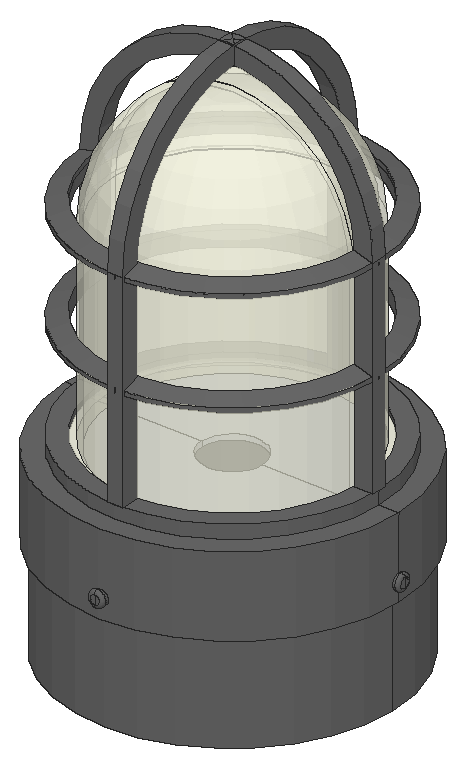
Revit family "PR4", category Generic Models, Revit 2024
Family settings
  Can host rebar = No
  Round Connector Dimension = Use Diameter
  Part Type = Normal
  Work Plane-Based = No
  Always vertical = Yes
  Cut with Voids When Loaded = No
  Maintain Annotation Orientation = No
  Shared = No
  Room Calculation Point = No
Parameters
  Default Elevation = 0' - 0"
Reference planes (in)
  plane 1 "Center (Front/Back)": y = 0
  plane 2: z = 0
  plane 3 "Center (Left/Right)": x = 0
Forms (in)
  Revolve 1, solid
    sketch origin (0, 0, 0) x (1, 0, 0) y (0, 0, 1)
      loop
        line (-3, 3.28125) -> (-3, 0) -> (-0.25, 0) -> (-0.25, 0.09375) -> (-2.90625, 0.09375) -> (-2.90625, 3.1875) -> (-0.568, 3.1875) -> (-0.568, 3.28125) -> (-3, 3.28125)
      axis (0, 3.28125) -> (0, 0)
    angle from 0 to 360
  Revolve 2, solid
    sketch origin (0, 0, 0) x (1, 0, 0) y (0, 0, 1)
      loop
        line (-3.125, 1.875) -> (-3.03125, 1.875) -> (-3.03125, 3.28125) -> (-2.65625, 3.28125) -> (-2.65625, 3.53125) -> (-2.41108, 3.53125) -> (-2.41108, 3.625) -> (-2.75, 3.625) -> (-2.75, 3.375) -> (-3.125, 3.375) -> (-3.125, 1.875)
      axis (0, 3.625) -> (0, 1.875)
    angle from 0 to 360
  Revolve 3, solid
    sketch origin (0, 0, 0) x (1, 0, 0) y (0, 0, 1)
      loop
        line (-3.22718, 2.22976) -> (-2.90568, 2.22976) -> (-2.90568, 2.37976) -> (-3.16759, 2.37976)
        arc (-3.16759, 2.37976) -> (-3.20973, 2.36231) -> (-3.22718, 2.32017) r 0.0596
        line (-3.22718, 2.32017) -> (-3.22718, 2.22976)
      axis (-2.90568, 2.22976) -> (-3.22718, 2.22976)
    angle from 0 to 360
  Revolve 4, solid
    sketch origin (0, 0, 0) x (0, -1, 0) y (0, 0, 1)
      loop
        line (-3.22718, 2.22976) -> (-2.90568, 2.22976) -> (-2.90568, 2.37976) -> (-3.16759, 2.37976)
        arc (-3.16759, 2.37976) -> (-3.20973, 2.36231) -> (-3.22718, 2.32017) r 0.0596
        line (-3.22718, 2.32017) -> (-3.22718, 2.22976)
      axis (-2.90568, 2.22976) -> (-3.22718, 2.22976)
    angle from 0 to 360
  Revolve 5, solid
    sketch origin (0, 0, 0) x (0, 1, 0) y (0, 0, 1)
      loop
        line (-3.22718, 2.22976) -> (-2.90568, 2.22976) -> (-2.90568, 2.37976) -> (-3.16759, 2.37976)
        arc (-3.16759, 2.37976) -> (-3.20973, 2.36231) -> (-3.22718, 2.32017) r 0.0596
        line (-3.22718, 2.32017) -> (-3.22718, 2.22976)
      axis (-2.90568, 2.22976) -> (-3.22718, 2.22976)
    angle from 0 to 360
  Revolve 6, solid
    sketch origin (0, 0, 0) x (-1, 0, 0) y (0, 0, 1)
      loop
        line (-3.22718, 2.22976) -> (-2.90568, 2.22976) -> (-2.90568, 2.37976) -> (-3.16759, 2.37976)
        arc (-3.16759, 2.37976) -> (-3.20973, 2.36231) -> (-3.22718, 2.32017) r 0.0596
        line (-3.22718, 2.32017) -> (-3.22718, 2.22976)
      axis (-2.90568, 2.22976) -> (-3.22718, 2.22976)
    angle from 0 to 360
  Extrusion 7, solid, material "61"
    sketch origin (0, 0, 0) x (1, 0, 0) y (0, 0, 1)
      loop
        line (-2.75, 3.625) -> (-2.412, 3.625) -> (-2.412, 7.5084)
        arc (-2.412, 7.5084) -> (-1.76179, 9.14738) -> (-0.17007, 9.906) r 2.41201
        arc (-0.17007, 9.906) -> (1.64124, 9.26751) -> (2.412, 7.5084) r 2.41201
        line (2.412, 7.5084) -> (2.412, 3.625) -> (2.75, 3.625) -> (2.75, 7.491)
        arc (2.75, 7.491) -> (0, 10.25) -> (-2.75, 7.491) r 2.75001
        line (-2.75, 7.491) -> (-2.75, 3.625)
    from -0.142 to 0.142
  Extrusion 8, solid, material "61"
    sketch origin (0, 0, 0) x (0, 1, 0) y (0, 0, 1)
      loop
        line (-2.75, 3.625) -> (-2.412, 3.625) -> (-2.412, 7.5084)
        arc (-2.412, 7.5084) -> (-1.76179, 9.14738) -> (-0.17007, 9.906) r 2.41201
        arc (-0.17007, 9.906) -> (1.64124, 9.26751) -> (2.412, 7.5084) r 2.41201
        line (2.412, 7.5084) -> (2.412, 3.625) -> (2.75, 3.625) -> (2.75, 7.491)
        arc (2.75, 7.491) -> (0, 10.25) -> (-2.75, 7.491) r 2.75001
        line (-2.75, 7.491) -> (-2.75, 3.625)
    from -0.142 to 0.142
  Revolve 9, solid, material "VAPOR GLASS"
    sketch origin (0, 0, 0) x (1, 0, 0) y (0, 0, 1)
      loop
        line (-2.287, 7.16479) -> (-2.287, 3.50704) -> (-2.61952, 3.50704) -> (-2.61952, 3.375) -> (-2.19325, 3.375) -> (-2.19325, 7.16462)
        arc (-2.19325, 7.16462) -> (-1.54803, 8.7103) -> (0, 9.34986) r 2.19326
        line (0, 9.34986) -> (0, 9.44361)
        arc (0, 9.44361) -> (-1.61426, 8.77666) -> (-2.287, 7.16479) r 2.28701
      axis (0, 9.44361) -> (0, 3.375)
    angle from 0 to 360
  Revolve 10, solid, material "61"
    sketch origin (0, 0, 0) x (1, 0, 0) y (0, 0, 1)
      loop
        line (-2.40901, 7.5939) -> (-2.75, 7.491) -> (-2.75, 7.411) -> (-2.412, 7.309) -> (-2.412, 7.5084) -> (-2.40901, 7.5939)
      loop
        line (-2.75, 5.582) -> (-2.75, 5.502) -> (-2.412, 5.4) -> (-2.412, 5.684) -> (-2.75, 5.582)
      axis (0, 7.5939) -> (0, 5.4)
    angle from 0 to 360
Dimensions and locks (in)
  aligned and locked: plane 2 to level
